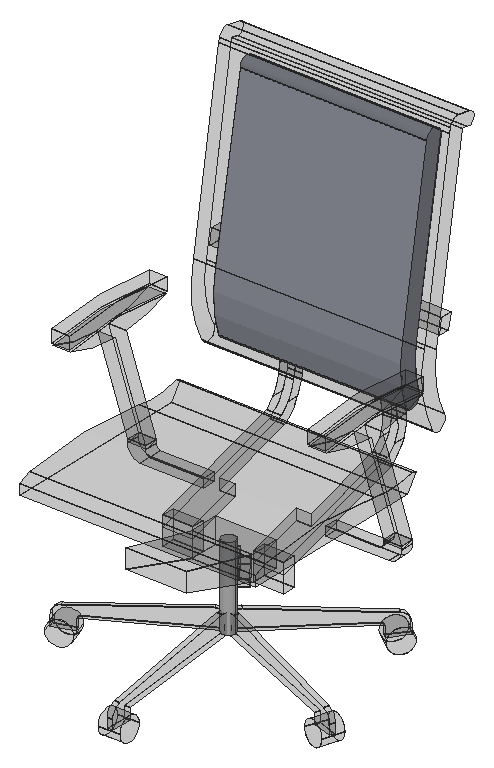
Revit family
Parameters
  Assembly Code = ""
  알루미늄 = 알루미늄
  베이스/Armd 재료 = 플라스틱 - 검은색
  캐스터 재료 = 플라스틱 - 검은색
  좌석/뒷면 재료 = 직물 - 슬레이트
  바닥 [instance] = 130.00 mm
Reference planes
  plane 1 "중심(앞/뒤)": y = 147.9
  plane 2: z = 0
  plane 3: y = 490.8
  plane 4: y = -195
  plane 5: through (0, -131.752, -23.231) normal (0, -0.9848, -0.1736)
Forms (mm)
  Extrusion 1, solid, material "플라스틱 - 검은색" <- "베이스/Armd 재료"
    sketch origin (249.309, 166.846, 0.216) x (0, 1, 0) y (0, 0, 1)
      loop
        line (-38.48, 275.253) -> (-227.688, 322.427) -> (-227.688, 277.631) -> (-36.347, 215.461) -> (31.079, 215.461) -> (31.079, 275.253) -> (-38.48, 275.253)
    from -20 to 121.6
  Extrusion 2, solid, material "플라스틱 - 검은색" <- "캐스터 재료"
    sketch origin (300.109, 166.846, 0) x (0, -1, 0) y (0, 0, 1)
      loop
        circle (336.446, 28.184) r 28.2
    from 25.4 to -25.4
  Extrusion 3, solid, material "플라스틱 - 검은색" <- "베이스/Armd 재료"
    sketch origin (282.09, 153.755, 0.216) x (0.951057, -0.309017, 0) y (0, 0, 1)
      loop
        line (18.946, 84.285) -> (311.046, 53.584) -> (311.046, 28.184) -> (361.846, 28.184) -> (361.846, 52.487)
        arc (361.846, 52.487) -> (355.903, 68.813) -> (340.857, 77.501) r 25.4
        line (340.857, 77.501) -> (44.346, 129.784) -> (18.946, 129.784) -> (18.946, 84.285)
    from 6.35 to -6.35
  Extrusion 4, solid, material "플라스틱 - 검은색" <- "캐스터 재료"
    sketch origin (282.09, 153.755, 0.216) x (0.951057, -0.309017, 0) y (0, 0, 1)
      loop
        circle (336.446, 28.184) r 28.2
    from 25.4 to -25.4
  Extrusion 5, solid, material "플라스틱 - 검은색" <- "캐스터 재료"
    sketch origin (288.972, 132.573, 0.216) x (0.587785, 0.809017, 0) y (0, 0, 1)
      loop
        circle (336.446, 28.184) r 28.2
    from 25.4 to -25.4
  Extrusion 6, solid, material "플라스틱 - 검은색" <- "캐스터 재료"
    sketch origin (311.245, 132.573, 0.216) x (-0.587785, 0.809017, 0) y (0, 0, 1)
      loop
        circle (336.446, 28.184) r 28.2
    from 25.4 to -25.4
  Extrusion 7, solid, material "플라스틱 - 검은색" <- "캐스터 재료"
    sketch origin (318.127, 153.755, 0.216) x (-0.951057, -0.309017, 0) y (0, 0, 1)
      loop
        circle (336.446, 28.184) r 28.2
    from 25.4 to -25.4
  Extrusion 8, solid, material "알루미늄" <- "알루미늄"
    sketch origin (441.099, 166.846, 0) x (-1, 0, 0) y (0, -1, 0)
      loop
        circle (140.991, 18.946) r 15.4
    from 84.285 to 275.253
  Extrusion 9, solid, material "플라스틱 - 검은색" <- "베이스/Armd 재료"
    sketch origin (318.127, 153.755, 0.216) x (-0.951057, -0.309017, 0) y (0, 0, -1)
      loop
        line (18.946, -84.285) -> (18.946, -129.784) -> (44.346, -129.784) -> (340.857, -77.501)
        arc (340.857, -77.501) -> (355.903, -68.813) -> (361.846, -52.487) r 25.4
        line (361.846, -52.487) -> (361.846, -28.184) -> (311.046, -28.184) -> (311.046, -53.584) -> (18.946, -84.285)
    from 6.35 to -6.35
  Extrusion 10, solid, material "플라스틱 - 검은색" <- "베이스/Armd 재료"
    sketch origin (288.972, 132.573, 0.216) x (0.587785, 0.809017, 0) y (0, 0, 1)
      loop
        line (18.946, 84.285) -> (311.046, 53.584) -> (311.046, 28.184) -> (361.846, 28.184) -> (361.846, 52.487)
        arc (361.846, 52.487) -> (355.903, 68.813) -> (340.857, 77.501) r 25.4
        line (340.857, 77.501) -> (44.346, 129.784) -> (18.946, 129.784) -> (18.946, 84.285)
    from 6.35 to -6.35
  Extrusion 11, solid, material "플라스틱 - 검은색" <- "베이스/Armd 재료"
    sketch origin (311.245, 132.573, 0.216) x (-0.587785, 0.809017, 0) y (0, 0, -1)
      loop
        line (18.946, -84.285) -> (18.946, -129.784) -> (44.346, -129.784) -> (340.857, -77.501)
        arc (340.857, -77.501) -> (355.903, -68.813) -> (361.846, -52.487) r 25.4
        line (361.846, -52.487) -> (361.846, -28.184) -> (311.046, -28.184) -> (311.046, -53.584) -> (18.946, -84.285)
    from 6.35 to -6.35
  Extrusion 12, solid, material "플라스틱 - 검은색" <- "베이스/Armd 재료"
    sketch origin (300.109, 166.846, 0.216) x (0, -1, 0) y (0, 0, 1)
      loop
        line (18.946, 84.285) -> (311.046, 53.584) -> (311.046, 28.184) -> (361.846, 28.184) -> (361.846, 52.487)
        arc (361.846, 52.487) -> (355.903, 68.813) -> (340.857, 77.501) r 25.4
        line (340.857, 77.501) -> (44.346, 129.784) -> (18.946, 129.784) -> (18.946, 84.285)
    from 6.35 to -6.35
  Extrusion 13, solid, material "플라스틱 - 검은색" <- "베이스/Armd 재료"
    sketch origin (27.059, 224.1, 546.316) x (0, -1, 0) y (0, 0, -1)
      loop
        line (339.15, 162.316) -> (-100.85, 162.316) -> (-126.661, 125.455)
        arc (-126.661, 125.455) -> (-18.522, 98.743) -> (92.431, 88.9) r 725.52
        arc (92.431, 88.9) -> (218.241, 100.275) -> (339.15, 136.857) r 621.433
        line (339.15, 136.857) -> (339.15, 162.316)
    from 546.1 to 0
  Extrusion 14, void
    sketch origin (617.609, 224.1, 546.316) x (0, 1, 0) y (0, 0, -1)
      loop
        arc (-92.431, 88.9) -> (12.719, 97.799) -> (115.465, 121.857) r 725.52
        arc (115.465, 121.857) -> (60.578, 129.513) -> (5.305, 125.496) r 262.954
        arc (5.305, 125.496) -> (-152.292, 111.423) -> (-309.889, 125.496) r 889.443
        arc (-309.889, 125.496) -> (-202.797, 97.475) -> (-92.431, 88.9) r 621.433
    from 590.55 to 44.45
  Extrusion 15, solid, material "플라스틱 - 검은색" <- "베이스/Armd 재료"
    sketch origin (370.909, 166.846, 0.216) x (0, 1, 0) y (0, 0, 1)
      loop
        line (-34.346, 255.253) -> (276.508, 344.389)
        arc (276.508, 344.389) -> (311.299, 381.051) -> (323.954, 429.984) r 100.932
        line (323.954, 429.984) -> (323.954, 697.2) -> (264.011, 697.2) -> (259.602, 672.2) -> (298.954, 672.2) -> (298.954, 429.984)
        arc (298.954, 429.984) -> (290.211, 394.609) -> (265.994, 367.381) r 75.932
        line (265.994, 367.381) -> (-34.346, 281.26) -> (-34.346, 255.253)
    from 70 to 0
  Extrusion 16, void
    sketch origin (229.309, 490.8, 430.201) x (0, 0, 1) y (1, 0, 0)
      loop
        line (267.216, -70) -> (267.216, -35) -> (148.005, -35)
        arc (148.005, -35) -> (118.364, -39.758) -> (89.463, -47.881) r 261.606
        arc (89.463, -47.881) -> (24.251, -64.432) -> (-42.798, -70) r 406.493
        line (-42.798, -70) -> (267.216, -70)
      loop
        line (-174.731, 0) -> (-174.731, -35) -> (-42.798, -35)
        arc (-42.798, -35) -> (18.478, -29.912) -> (78.075, -14.786) r 371.493
        arc (78.075, -14.786) -> (111.74, -5.38) -> (146.279, 0) r 296.606
        line (146.279, 0) -> (-174.731, 0)
    from 19.654 to -235.021
  Extrusion 17, solid, material "플라스틱 - 검은색" <- "베이스/Armd 재료"
    sketch origin (229.309, 166.846, 0.216) x (0, 1, 0) y (0, 0, -1)
      loop
        line (-34.346, -255.253) -> (-34.346, -281.26) -> (265.994, -367.381)
        arc (265.994, -367.381) -> (290.211, -394.609) -> (298.954, -429.984) r 75.932
        line (298.954, -429.984) -> (298.954, -672.2) -> (254.375, -672.2) -> (258.784, -697.2) -> (323.954, -697.2) -> (323.954, -429.984)
        arc (323.954, -429.984) -> (311.299, -381.051) -> (276.508, -344.389) r 100.932
        line (276.508, -344.389) -> (-34.346, -255.253)
    from 70 to 0
  Extrusion 18, void
    sketch origin (370.909, 490.8, 430.201) x (0, 0, 1) y (1, 0, 0)
      loop
        line (267.216, 70) -> (-42.798, 70)
        arc (-42.798, 70) -> (24.251, 64.432) -> (89.463, 47.881) r 406.493
        arc (89.463, 47.881) -> (118.364, 39.758) -> (148.005, 35) r 261.606
        line (148.005, 35) -> (267.216, 35) -> (267.216, 70)
      loop
        line (-174.731, 0) -> (146.279, 0)
        arc (146.279, 0) -> (111.74, 5.38) -> (78.075, 14.786) r 296.606
        arc (78.075, 14.786) -> (18.478, 29.912) -> (-42.798, 35) r 371.493
        line (-42.798, 35) -> (-174.731, 35) -> (-174.731, 0)
    from 19.654 to -235.021
  Extrusion 19, solid, material "플라스틱 - 검은색" <- "베이스/Armd 재료"
    sketch origin (370.909, 166.846, 0.216) x (0, 1, 0) y (0, 0, 1)
      loop
        line (-34.346, 281.26) -> (-34.346, 215.461) -> (-2.634, 215.461) -> (-2.634, 281.26) -> (-34.346, 281.26)
    from 70 to 0
  Extrusion 20, solid, material "플라스틱 - 검은색" <- "베이스/Armd 재료"
    sketch origin (229.309, 166.846, 0.216) x (0, 1, 0) y (0, 0, -1)
      loop
        line (-34.346, -281.26) -> (-2.634, -281.26) -> (-2.634, -215.461) -> (-34.346, -215.461) -> (-34.346, -281.26)
    from 70 to 0
  Extrusion 21, solid, material "플라스틱 - 검은색" <- "베이스/Armd 재료"
    sketch origin (617.609, 351.1, 659.225) x (0, -1, 0) y (0, 0, -1)
      loop
        arc (35.477, 10.435) -> (176.6, -2.247) -> (317.723, 10.435) r 791.576
        line (317.723, 10.435) -> (317.723, 40.943)
        arc (317.723, 40.943) -> (176.6, 27.753) -> (35.477, 40.943) r 761.576
        line (35.477, 40.943) -> (35.477, 10.435)
      loop
        line (67.346, 334.377) -> (154.306, 71.085)
        arc (154.306, 71.085) -> (94.381, 63.02) -> (36.403, 45.856) r 392.945
        arc (36.403, 45.856) -> (176.6, 32.753) -> (316.797, 45.856) r 756.576
        arc (316.797, 45.856) -> (252.364, 64.344) -> (185.726, 71.612) r 392.945
        line (185.726, 71.612) -> (96.207, 342.652) -> (67.346, 334.377)
    from 0 to -41.659
  Extrusion 22, solid, material "플라스틱 - 검은색" <- "베이스/Armd 재료"
    sketch origin (-17.391, 351.1, 659.225) x (0, -1, 0) y (0, 0, 1)
      loop
        line (35.477, -10.435) -> (35.477, -40.943)
        arc (35.477, -40.943) -> (176.6, -27.753) -> (317.723, -40.943) r 761.576
        line (317.723, -40.943) -> (317.723, -10.435)
        arc (317.723, -10.435) -> (176.6, 2.247) -> (35.477, -10.435) r 791.576
      loop
        line (67.346, -334.377) -> (96.207, -342.652) -> (185.726, -71.612)
        arc (185.726, -71.612) -> (252.364, -64.344) -> (316.797, -45.856) r 392.945
        arc (316.797, -45.856) -> (176.6, -32.753) -> (36.403, -45.856) r 756.576
        arc (36.403, -45.856) -> (94.381, -63.02) -> (154.306, -71.085) r 392.945
        line (154.306, -71.085) -> (67.346, -334.377)
    from 0 to -41.659
  Extrusion 23, solid, material "플라스틱 - 검은색" <- "베이스/Armd 재료"
    sketch origin (229.309, 164.212, 281.477) x (0, 0, -1) y (-1, 0, 0)
      loop
        line (-2.532, 70) -> (-2.532, 217.546)
        arc (-2.532, 217.546) -> (-13.242, 238.347) -> (-35.096, 246.7) r 32.763
        line (-35.096, 246.7) -> (-43.371, 246.7) -> (-43.371, 205.041) -> (-35.096, 205.041)
        arc (-35.096, 205.041) -> (-27.452, 202.179) -> (-23.569, 195) r 11.636
        line (-23.569, 195) -> (-23.569, 70) -> (-2.532, 70)
    from 119.589 to 87.926
  Extrusion 24, solid, material "플라스틱 - 검은색" <- "베이스/Armd 재료"
    sketch origin (370.909, 164.212, 281.477) x (0, 0, -1) y (-1, 0, 0)
      loop
        line (-2.532, -70) -> (-23.569, -70) -> (-23.569, -195)
        arc (-23.569, -195) -> (-27.452, -202.179) -> (-35.096, -205.041) r 11.636
        line (-35.096, -205.041) -> (-43.371, -205.041) -> (-43.371, -246.7) -> (-35.096, -246.7)
        arc (-35.096, -246.7) -> (-13.242, -238.347) -> (-2.532, -217.546) r 32.763
        line (-2.532, -217.546) -> (-2.532, -70)
    from 119.589 to 87.926
  Extrusion 25, solid, material "플라스틱 - 검은색" <- "베이스/Armd 재료"
    sketch origin (370.909, 166.846, 0.216) x (0, 1, 0) y (0, 0, 1)
      loop
        arc (313.148, 1102.747) -> (297.687, 1099.164) -> (288.67, 1086.102) r 21.978
        line (288.67, 1086.102) -> (286.887, 1075.99)
        arc (286.887, 1075.99) -> (255.665, 866.964) -> (213.513, 659.865) r 4024.658
        arc (213.513, 659.865) -> (209.257, 567.973) -> (237.779, 480.515) r 255.835
        arc (237.779, 480.515) -> (264.887, 472.444) -> (272.958, 499.553) r 20
        arc (272.958, 499.553) -> (249.546, 568.877) -> (250.641, 642.041) r 215.835
        arc (250.641, 642.041) -> (297.694, 853.952) -> (324.408, 1069.374) r 2283.079
        line (324.408, 1069.374) -> (340.469, 1066.315)
        arc (340.469, 1066.315) -> (358.406, 1078.512) -> (346.209, 1096.45) r 15.338
        line (346.209, 1096.45) -> (313.148, 1102.747)
    from 196.7 to -338.3
  Extrusion 26, void
    sketch origin (567.609, 166.846, 0.216) x (0, -1, 0) y (0, 0, 1)
      loop
        arc (-283.033, 1045.527) -> (-304.261, 1062.57) -> (-322.169, 1042.067) r 19.661
        arc (-322.169, 1042.067) -> (-295.323, 840.459) -> (-250.641, 642.041) r 2283.079
        arc (-250.641, 642.041) -> (-247.485, 587.033) -> (-258.36, 533.019) r 215.835
        arc (-258.36, 533.019) -> (-246.324, 509.151) -> (-221.163, 518.178) r 20.175
        arc (-221.163, 518.178) -> (-207.319, 588.481) -> (-213.513, 659.865) r 255.835
        arc (-213.513, 659.865) -> (-252.97, 851.849) -> (-283.033, 1045.527) r 4024.658
    from 482.201 to 49.852
  Extrusion 27, solid, material "직물 - 슬레이트" <- "좌석/뒷면 재료"
    sketch origin (567.609, 166.846, 0.216) x (0, 1, 0) y (0, 0, 1)
      loop
        arc (283.033, 1045.527) -> (252.97, 851.849) -> (213.513, 659.865) r 4024.658
        arc (213.513, 659.865) -> (207.319, 588.481) -> (221.163, 518.178) r 255.835
        arc (221.163, 518.178) -> (246.324, 509.151) -> (258.36, 533.019) r 20.175
        arc (258.36, 533.019) -> (247.485, 587.033) -> (250.641, 642.041) r 215.835
        arc (250.641, 642.041) -> (295.323, 840.459) -> (322.169, 1042.067) r 2283.079
        arc (322.169, 1042.067) -> (304.261, 1062.57) -> (283.033, 1045.527) r 19.661
    from -49.852 to -482.201
  Extrusion 28, solid, material "플라스틱 - 검은색" <- "베이스/Armd 재료"
    sketch origin (567.609, 166.846, 0.216) x (0, 1, 0) y (0, 0, 1)
      loop
        line (292.86, 702.2) -> (264.892, 702.2) -> (258.788, 667.58) -> (284.348, 667.58) -> (292.86, 702.2)
    from 0 to -533.3
  Extrusion 29, solid, material "플라스틱 - 검은색" <- "베이스/Armd 재료", not visible
    sketch origin (249.309, 166.846, 0) x (0, 1, 0) y (0, 0, 1)
      loop
        line (-38.48, 275.253) -> (-227.688, 322.427) -> (-227.688, 277.631) -> (-36.347, 215.461) -> (31.079, 215.461) -> (31.079, 275.253) -> (-38.48, 275.253)
    from -20 to 121.6
  Extrusion 30, solid, material "플라스틱 - 검은색" <- "캐스터 재료", not visible
    sketch origin (300.109, 166.846, -0.216) x (0, -1, 0) y (0, 0, 1)
      loop
        circle (336.446, 28.184) r 28.2
    from 25.4 to -25.4
  Extrusion 31, solid, material "플라스틱 - 검은색" <- "베이스/Armd 재료", not visible
    sketch origin (282.09, 153.755, 0) x (0.951057, -0.309017, 0) y (0, 0, 1)
      loop
        line (18.946, 84.285) -> (311.046, 53.584) -> (311.046, 28.184) -> (361.846, 28.184) -> (361.846, 52.487)
        arc (361.846, 52.487) -> (355.903, 68.813) -> (340.857, 77.501) r 25.4
        line (340.857, 77.501) -> (44.346, 129.784) -> (18.946, 129.784) -> (18.946, 84.285)
    from 6.35 to -6.35
  Extrusion 32, solid, material "플라스틱 - 검은색" <- "캐스터 재료", not visible
    sketch origin (282.09, 153.755, 0) x (0.951057, -0.309017, 0) y (0, 0, 1)
      loop
        circle (336.446, 28.184) r 28.2
    from 25.4 to -25.4
  Extrusion 33, solid, material "플라스틱 - 검은색" <- "캐스터 재료", not visible
    sketch origin (288.972, 132.573, 0) x (0.587785, 0.809017, 0) y (0, 0, 1)
      loop
        circle (336.446, 28.184) r 28.2
    from 25.4 to -25.4
  Extrusion 34, solid, material "플라스틱 - 검은색" <- "캐스터 재료", not visible
    sketch origin (311.245, 132.573, 0) x (-0.587785, 0.809017, 0) y (0, 0, 1)
      loop
        circle (336.446, 28.184) r 28.2
    from 25.4 to -25.4
  Extrusion 35, solid, material "플라스틱 - 검은색" <- "캐스터 재료", not visible
    sketch origin (318.127, 153.755, 0) x (-0.951057, -0.309017, 0) y (0, 0, 1)
      loop
        circle (336.446, 28.184) r 28.2
    from 25.4 to -25.4
  Extrusion 36, solid, material "알루미늄" <- "알루미늄", not visible
    sketch origin (441.099, 166.846, -0.216) x (-1, 0, 0) y (0, -1, 0)
      loop
        circle (140.991, 18.946) r 15.4
    from 84.285 to 275.253
  Extrusion 37, solid, material "플라스틱 - 검은색" <- "베이스/Armd 재료", not visible
    sketch origin (318.127, 153.755, 0) x (-0.951057, -0.309017, 0) y (0, 0, -1)
      loop
        line (18.946, -84.285) -> (18.946, -129.784) -> (44.346, -129.784) -> (340.857, -77.501)
        arc (340.857, -77.501) -> (355.903, -68.813) -> (361.846, -52.487) r 25.4
        line (361.846, -52.487) -> (361.846, -28.184) -> (311.046, -28.184) -> (311.046, -53.584) -> (18.946, -84.285)
    from 6.35 to -6.35
  Extrusion 38, solid, material "플라스틱 - 검은색" <- "베이스/Armd 재료", not visible
    sketch origin (288.972, 132.573, 0) x (0.587785, 0.809017, 0) y (0, 0, 1)
      loop
        line (18.946, 84.285) -> (311.046, 53.584) -> (311.046, 28.184) -> (361.846, 28.184) -> (361.846, 52.487)
        arc (361.846, 52.487) -> (355.903, 68.813) -> (340.857, 77.501) r 25.4
        line (340.857, 77.501) -> (44.346, 129.784) -> (18.946, 129.784) -> (18.946, 84.285)
    from 6.35 to -6.35
  Extrusion 39, solid, material "플라스틱 - 검은색" <- "베이스/Armd 재료", not visible
    sketch origin (311.245, 132.573, 0) x (-0.587785, 0.809017, 0) y (0, 0, -1)
      loop
        line (18.946, -84.285) -> (18.946, -129.784) -> (44.346, -129.784) -> (340.857, -77.501)
        arc (340.857, -77.501) -> (355.903, -68.813) -> (361.846, -52.487) r 25.4
        line (361.846, -52.487) -> (361.846, -28.184) -> (311.046, -28.184) -> (311.046, -53.584) -> (18.946, -84.285)
    from 6.35 to -6.35
  Extrusion 40, solid, material "플라스틱 - 검은색" <- "베이스/Armd 재료", not visible
    sketch origin (300.109, 166.846, 0) x (0, -1, 0) y (0, 0, 1)
      loop
        line (18.946, 84.285) -> (311.046, 53.584) -> (311.046, 28.184) -> (361.846, 28.184) -> (361.846, 52.487)
        arc (361.846, 52.487) -> (355.903, 68.813) -> (340.857, 77.501) r 25.4
        line (340.857, 77.501) -> (44.346, 129.784) -> (18.946, 129.784) -> (18.946, 84.285)
    from 6.35 to -6.35
  Extrusion 41, solid, material "플라스틱 - 검은색" <- "베이스/Armd 재료", not visible
    sketch origin (27.059, 224.1, 546.1) x (0, -1, 0) y (0, 0, -1)
      loop
        line (339.15, 162.316) -> (-100.85, 162.316) -> (-126.661, 125.455)
        arc (-126.661, 125.455) -> (-18.522, 98.743) -> (92.431, 88.9) r 725.52
        arc (92.431, 88.9) -> (218.241, 100.275) -> (339.15, 136.857) r 621.433
        line (339.15, 136.857) -> (339.15, 162.316)
    from 546.1 to 0
  Extrusion 42, void, not visible
    sketch origin (617.609, 224.1, 546.1) x (0, 1, 0) y (0, 0, -1)
      loop
        arc (-92.431, 88.9) -> (12.719, 97.799) -> (115.465, 121.857) r 725.52
        arc (115.465, 121.857) -> (60.578, 129.513) -> (5.305, 125.496) r 262.954
        arc (5.305, 125.496) -> (-152.292, 111.423) -> (-309.889, 125.496) r 889.443
        arc (-309.889, 125.496) -> (-202.797, 97.475) -> (-92.431, 88.9) r 621.433
    from 590.55 to 44.45
  Extrusion 43, solid, material "플라스틱 - 검은색" <- "베이스/Armd 재료", not visible
    sketch origin (370.909, 166.846, 0) x (0, 1, 0) y (0, 0, 1)
      loop
        line (-34.346, 255.253) -> (276.508, 344.389)
        arc (276.508, 344.389) -> (311.299, 381.051) -> (323.954, 429.984) r 100.932
        line (323.954, 429.984) -> (323.954, 697.2) -> (264.011, 697.2) -> (259.602, 672.2) -> (298.954, 672.2) -> (298.954, 429.984)
        arc (298.954, 429.984) -> (290.211, 394.609) -> (265.994, 367.381) r 75.932
        line (265.994, 367.381) -> (-34.346, 281.26) -> (-34.346, 255.253)
    from 70 to 0
  Extrusion 44, void, not visible
    sketch origin (229.309, 490.8, 429.984) x (0, 0, 1) y (1, 0, 0)
      loop
        line (267.216, -70) -> (267.216, -35) -> (148.005, -35)
        arc (148.005, -35) -> (118.364, -39.758) -> (89.463, -47.881) r 261.606
        arc (89.463, -47.881) -> (24.251, -64.432) -> (-42.798, -70) r 406.493
        line (-42.798, -70) -> (267.216, -70)
      loop
        line (-174.731, 0) -> (-174.731, -35) -> (-42.798, -35)
        arc (-42.798, -35) -> (18.478, -29.912) -> (78.075, -14.786) r 371.493
        arc (78.075, -14.786) -> (111.74, -5.38) -> (146.279, 0) r 296.606
        line (146.279, 0) -> (-174.731, 0)
    from 19.654 to -235.021
  Extrusion 45, solid, material "플라스틱 - 검은색" <- "베이스/Armd 재료", not visible
    sketch origin (229.309, 166.846, 0) x (0, 1, 0) y (0, 0, -1)
      loop
        line (-34.346, -255.253) -> (-34.346, -281.26) -> (265.994, -367.381)
        arc (265.994, -367.381) -> (290.211, -394.609) -> (298.954, -429.984) r 75.932
        line (298.954, -429.984) -> (298.954, -672.2) -> (254.375, -672.2) -> (258.784, -697.2) -> (323.954, -697.2) -> (323.954, -429.984)
        arc (323.954, -429.984) -> (311.299, -381.051) -> (276.508, -344.389) r 100.932
        line (276.508, -344.389) -> (-34.346, -255.253)
    from 70 to 0
  Extrusion 46, void, not visible
    sketch origin (370.909, 490.8, 429.984) x (0, 0, 1) y (1, 0, 0)
      loop
        line (267.216, 70) -> (-42.798, 70)
        arc (-42.798, 70) -> (24.251, 64.432) -> (89.463, 47.881) r 406.493
        arc (89.463, 47.881) -> (118.364, 39.758) -> (148.005, 35) r 261.606
        line (148.005, 35) -> (267.216, 35) -> (267.216, 70)
      loop
        line (-174.731, 0) -> (146.279, 0)
        arc (146.279, 0) -> (111.74, 5.38) -> (78.075, 14.786) r 296.606
        arc (78.075, 14.786) -> (18.478, 29.912) -> (-42.798, 35) r 371.493
        line (-42.798, 35) -> (-174.731, 35) -> (-174.731, 0)
    from 19.654 to -235.021
  Extrusion 47, solid, material "플라스틱 - 검은색" <- "베이스/Armd 재료", not visible
    sketch origin (370.909, 166.846, 0) x (0, 1, 0) y (0, 0, 1)
      loop
        line (-34.346, 281.26) -> (-34.346, 215.461) -> (-2.634, 215.461) -> (-2.634, 281.26) -> (-34.346, 281.26)
    from 70 to 0
  Extrusion 48, solid, material "플라스틱 - 검은색" <- "베이스/Armd 재료", not visible
    sketch origin (229.309, 166.846, 0) x (0, 1, 0) y (0, 0, -1)
      loop
        line (-34.346, -281.26) -> (-2.634, -281.26) -> (-2.634, -215.461) -> (-34.346, -215.461) -> (-34.346, -281.26)
    from 70 to 0
  Extrusion 49, solid, material "플라스틱 - 검은색" <- "베이스/Armd 재료", not visible
    sketch origin (617.609, 351.1, 659.008) x (0, -1, 0) y (0, 0, -1)
      loop
        arc (35.477, 10.435) -> (176.6, -2.247) -> (317.723, 10.435) r 791.576
        line (317.723, 10.435) -> (317.723, 40.943)
        arc (317.723, 40.943) -> (176.6, 27.753) -> (35.477, 40.943) r 761.576
        line (35.477, 40.943) -> (35.477, 10.435)
      loop
        line (67.346, 334.377) -> (154.306, 71.085)
        arc (154.306, 71.085) -> (94.381, 63.02) -> (36.403, 45.856) r 392.945
        arc (36.403, 45.856) -> (176.6, 32.753) -> (316.797, 45.856) r 756.576
        arc (316.797, 45.856) -> (252.364, 64.344) -> (185.726, 71.612) r 392.945
        line (185.726, 71.612) -> (96.207, 342.652) -> (67.346, 334.377)
    from 0 to -41.659
  Extrusion 50, solid, material "플라스틱 - 검은색" <- "베이스/Armd 재료", not visible
    sketch origin (-17.391, 351.1, 659.008) x (0, -1, 0) y (0, 0, 1)
      loop
        line (35.477, -10.435) -> (35.477, -40.943)
        arc (35.477, -40.943) -> (176.6, -27.753) -> (317.723, -40.943) r 761.576
        line (317.723, -40.943) -> (317.723, -10.435)
        arc (317.723, -10.435) -> (176.6, 2.247) -> (35.477, -10.435) r 791.576
      loop
        line (67.346, -334.377) -> (96.207, -342.652) -> (185.726, -71.612)
        arc (185.726, -71.612) -> (252.364, -64.344) -> (316.797, -45.856) r 392.945
        arc (316.797, -45.856) -> (176.6, -32.753) -> (36.403, -45.856) r 756.576
        arc (36.403, -45.856) -> (94.381, -63.02) -> (154.306, -71.085) r 392.945
        line (154.306, -71.085) -> (67.346, -334.377)
    from 0 to -41.659
  Extrusion 51, solid, material "플라스틱 - 검은색" <- "베이스/Armd 재료", not visible
    sketch origin (229.309, 164.212, 281.26) x (0, 0, -1) y (-1, 0, 0)
      loop
        line (-2.532, 70) -> (-2.532, 217.546)
        arc (-2.532, 217.546) -> (-13.242, 238.347) -> (-35.096, 246.7) r 32.763
        line (-35.096, 246.7) -> (-43.371, 246.7) -> (-43.371, 205.041) -> (-35.096, 205.041)
        arc (-35.096, 205.041) -> (-27.452, 202.179) -> (-23.569, 195) r 11.636
        line (-23.569, 195) -> (-23.569, 70) -> (-2.532, 70)
    from 119.589 to 87.926
  Extrusion 52, solid, material "플라스틱 - 검은색" <- "베이스/Armd 재료", not visible
    sketch origin (370.909, 164.212, 281.26) x (0, 0, -1) y (-1, 0, 0)
      loop
        line (-2.532, -70) -> (-23.569, -70) -> (-23.569, -195)
        arc (-23.569, -195) -> (-27.452, -202.179) -> (-35.096, -205.041) r 11.636
        line (-35.096, -205.041) -> (-43.371, -205.041) -> (-43.371, -246.7) -> (-35.096, -246.7)
        arc (-35.096, -246.7) -> (-13.242, -238.347) -> (-2.532, -217.546) r 32.763
        line (-2.532, -217.546) -> (-2.532, -70)
    from 119.589 to 87.926
  Extrusion 53, solid, material "플라스틱 - 검은색" <- "베이스/Armd 재료", not visible
    sketch origin (370.909, 166.846, 0) x (0, 1, 0) y (0, 0, 1)
      loop
        arc (313.148, 1102.747) -> (297.687, 1099.164) -> (288.67, 1086.102) r 21.978
        line (288.67, 1086.102) -> (286.887, 1075.99)
        arc (286.887, 1075.99) -> (255.665, 866.964) -> (213.513, 659.865) r 4024.658
        arc (213.513, 659.865) -> (209.257, 567.973) -> (237.779, 480.515) r 255.835
        arc (237.779, 480.515) -> (264.887, 472.444) -> (272.958, 499.553) r 20
        arc (272.958, 499.553) -> (249.546, 568.877) -> (250.641, 642.041) r 215.835
        arc (250.641, 642.041) -> (297.694, 853.952) -> (324.408, 1069.374) r 2283.079
        line (324.408, 1069.374) -> (340.469, 1066.315)
        arc (340.469, 1066.315) -> (358.406, 1078.512) -> (346.209, 1096.45) r 15.338
        line (346.209, 1096.45) -> (313.148, 1102.747)
    from 196.7 to -338.3
  Extrusion 54, void, not visible
    sketch origin (567.609, 166.846, 0) x (0, -1, 0) y (0, 0, 1)
      loop
        arc (-283.033, 1045.527) -> (-304.261, 1062.57) -> (-322.169, 1042.067) r 19.661
        arc (-322.169, 1042.067) -> (-295.323, 840.459) -> (-250.641, 642.041) r 2283.079
        arc (-250.641, 642.041) -> (-247.485, 587.033) -> (-258.36, 533.019) r 215.835
        arc (-258.36, 533.019) -> (-246.324, 509.151) -> (-221.163, 518.178) r 20.175
        arc (-221.163, 518.178) -> (-207.319, 588.481) -> (-213.513, 659.865) r 255.835
        arc (-213.513, 659.865) -> (-252.97, 851.849) -> (-283.033, 1045.527) r 4024.658
    from 482.201 to 49.852
  Extrusion 55, solid, material "직물 - 슬레이트" <- "좌석/뒷면 재료", not visible
    sketch origin (567.609, 166.846, 0) x (0, 1, 0) y (0, 0, 1)
      loop
        arc (283.033, 1045.527) -> (252.97, 851.849) -> (213.513, 659.865) r 4024.658
        arc (213.513, 659.865) -> (207.319, 588.481) -> (221.163, 518.178) r 255.835
        arc (221.163, 518.178) -> (246.324, 509.151) -> (258.36, 533.019) r 20.175
        arc (258.36, 533.019) -> (247.485, 587.033) -> (250.641, 642.041) r 215.835
        arc (250.641, 642.041) -> (295.323, 840.459) -> (322.169, 1042.067) r 2283.079
        arc (322.169, 1042.067) -> (304.261, 1062.57) -> (283.033, 1045.527) r 19.661
    from -49.852 to -482.201
  Extrusion 56, solid, material "플라스틱 - 검은색" <- "베이스/Armd 재료", not visible
    sketch origin (567.609, 166.846, 0) x (0, 1, 0) y (0, 0, 1)
      loop
        line (292.86, 702.2) -> (264.892, 702.2) -> (258.788, 667.58) -> (284.348, 667.58) -> (292.86, 702.2)
    from 0 to -533.3
Cuts and joins
  Extrusion 14 cuts Extrusion 13
  Extrusion 16, Extrusion 18 cuts Extrusion 15
  Extrusion 16, Extrusion 18, Extrusion 26 cuts Extrusion 17
  Extrusion 26 cuts Extrusion 25
Lines and regions (mm)
  Masking region 1
    outline origin (441.099, 166.846, 457.2) x (0, 1, 0) y (-1, 0, 0)
      loop
        arc (-281.896, 20.341) -> (-238.961, -85.693) -> (-134.347, -131.982) r 152.4
        line (-134.347, -131.982) -> (-149.93, -179.941) -> (-101.616, -195.639) -> (-84.188, -141.999) -> (-114.778, -132.059) -> (66.234, -132.059)
        arc (66.234, -132.059) -> (106.481, -127.444) -> (144.639, -113.838) r 177.8
        arc (144.639, -113.838) -> (159.785, -122.487) -> (176.966, -125.488) r 50.678
        line (176.966, -125.488) -> (222.074, -125.488)
        arc (222.074, -125.488) -> (239.917, -118.097) -> (247.308, -100.255) r 25.233
        line (247.308, -100.255) -> (247.308, -83.85) -> (275.661, -41.658) -> (247.308, -21.058) -> (247.308, 303.039) -> (275.661, 323.639) -> (247.308, 362.665) -> (247.308, 382.224)
        arc (247.308, 382.224) -> (239.917, 400.067) -> (222.075, 407.458) r 25.233
        line (222.075, 407.458) -> (176.961, 407.458)
        arc (176.961, 407.458) -> (159.787, 404.459) -> (144.646, 395.817) r 50.674
        arc (144.646, 395.817) -> (106.485, 409.425) -> (66.234, 414.041) r 177.8
        line (66.234, 414.041) -> (-114.778, 414.041) -> (-84.188, 423.98) -> (-101.616, 477.62) -> (-149.93, 461.922) -> (-134.347, 413.964)
        arc (-134.347, 413.964) -> (-238.961, 367.675) -> (-281.896, 261.641) r 152.4
        line (-281.896, 261.641) -> (-281.896, 147.341) -> (-308.246, 147.341) -> (-308.246, 166.391) -> (-364.646, 166.391) -> (-364.646, 115.591) -> (-308.246, 115.591) -> (-308.246, 134.641) -> (-281.896, 134.641) -> (-281.896, 20.341)
      loop
        line (-68.354, -176.509) -> (184.254, -176.509) -> (184.254, -144.61) -> (-68.354, -144.61) -> (-68.354, -176.509)
      loop
        line (184.254, 458.491) -> (-68.354, 458.491) -> (-68.354, 426.167) -> (184.254, 426.167) -> (184.254, 458.491)
  symbolic lines
    curve 1: line (541.354, 414.154, 457.2) -> (58.875, 414.154, 457.2)
    curve 2: line (566.587, 388.921, 457.2) -> (566.587, 343.812, 457.2)
    curve 3: line (515.909, 293.134, 457.2) -> (84.315, 293.134, 457.2)
    curve 4: line (33.642, 388.921, 457.2) -> (33.642, 343.807, 457.2)
    curve 5: arc (515.909, 293.134, 457.2) -> (551.744, 307.977, 457.2) -> (566.587, 343.812, 457.2) r 50.678
    curve 6: arc (84.315, 293.134, 457.2) -> (48.484, 307.976, 457.2) -> (33.642, 343.807, 457.2) r 50.674
    curve 7: arc (566.587, 388.921, 457.2) -> (559.197, 406.763, 457.2) -> (541.354, 414.154, 457.2) r 25.233
    curve 8: arc (33.642, 388.921, 457.2) -> (41.032, 406.763, 457.2) -> (58.875, 414.154, 457.2) r 25.233
    curve 9: line (420.759, -115.05, 457.2) -> (179.459, -115.05, 457.2)
    curve 10: line (573.159, 37.35, 457.2) -> (573.159, 233.08, 457.2)
    curve 11: line (27.059, 37.35, 457.2) -> (27.059, 233.08, 457.2)
    curve 12: arc (420.759, -115.05, 457.2) -> (528.522, -70.413, 457.2) -> (573.159, 37.35, 457.2) r 152.4
    curve 13: arc (179.459, -115.05, 457.2) -> (71.696, -70.413, 457.2) -> (27.059, 37.35, 457.2) r 152.4
    curve 14: arc (27.059, 233.08, 457.2) -> (31.675, 273.331, 457.2) -> (45.283, 311.492, 457.2) r 177.8
    curve 15: arc (573.159, 233.08, 457.2) -> (568.544, 273.327, 457.2) -> (554.938, 311.485, 457.2) r 177.8
    curve 16: line (325.509, -197.8, 457.2) -> (274.709, -197.8, 457.2)
    curve 17: line (325.509, -197.8, 457.2) -> (325.509, -141.4, 457.2)
    curve 18: line (325.509, -141.4, 457.2) -> (274.709, -141.4, 457.2)
    curve 19: line (274.709, -197.8, 457.2) -> (274.709, -141.4, 457.2)
    curve 20: line (27.136, 32.499, 457.2) -> (-20.823, 16.916, 457.2)
    curve 21: line (-20.823, 16.916, 457.2) -> (-36.521, 65.23, 457.2)
    curve 22: line (-36.521, 65.23, 457.2) -> (17.119, 82.659, 457.2)
    curve 23: line (17.119, 82.659, 457.2) -> (27.059, 52.068, 457.2)
    curve 24: line (138.06, 414.154, 457.2) -> (117.46, 442.507, 457.2)
    curve 25: line (117.46, 442.507, 457.2) -> (78.435, 414.154, 457.2)
    curve 26: line (462.157, 414.154, 457.2) -> (482.757, 442.507, 457.2)
    curve 27: line (482.757, 442.507, 457.2) -> (524.949, 414.154, 457.2)
    curve 28: line (636.738, 65.23, 457.2) -> (621.04, 16.916, 457.2)
    curve 29: line (621.04, 16.916, 457.2) -> (573.081, 32.499, 457.2)
    curve 30: line (636.738, 65.23, 457.2) -> (583.098, 82.659, 457.2)
    curve 31: line (583.098, 82.659, 457.2) -> (573.159, 52.068, 457.2)
    curve 32: line (306.459, -141.4, 457.2) -> (293.759, -141.4, 457.2)
    curve 33: line (306.459, -141.4, 457.2) -> (306.459, -115.05, 457.2)
    curve 34: line (306.459, -115.05, 457.2) -> (293.759, -115.05, 457.2)
    curve 35: line (293.759, -141.4, 457.2) -> (293.759, -115.05, 457.2)
    curve 36: line (617.609, 98.492, 457.2) -> (585.71, 98.492, 457.2)
    curve 37: line (617.609, 98.492, 457.2) -> (617.609, 351.1, 457.2)
    curve 38: line (617.609, 351.1, 457.2) -> (585.71, 351.1, 457.2)
    curve 39: line (585.71, 98.492, 457.2) -> (585.71, 351.1, 457.2)
    curve 40: line (-17.391, 98.492, 457.2) -> (14.932, 98.492, 457.2)
    curve 41: line (-17.391, 98.492, 457.2) -> (-17.391, 351.1, 457.2)
    curve 42: line (-17.391, 351.1, 457.2) -> (14.932, 351.1, 457.2)
    curve 43: line (14.932, 98.492, 457.2) -> (14.932, 351.1, 457.2)
Dimensions and locks
  equal spacing: plane 3, plane 1 "중심(앞/뒤)", plane 4
  plane 3 to plane 4 = 685.80 mm
  "바닥": Extrusion 12 to plane 2
Automatic sketch dimensions
  Extrusion 1 sketch curve to Extrusion 1 sketch curve = 59.792 mm
  Extrusion 1 sketch curve to Extrusion 1 sketch curve = 44.796 mm
  Extrusion 3 sketch curve to Extrusion 3 sketch curve = 25.40 mm  (x4)
  Extrusion 3 sketch curve to Extrusion 3 sketch curve = 266.70 mm
  Extrusion 3 sketch curve to Extrusion 3 sketch curve = 4.411 mm
  Extrusion 3 sketch curve to Extrusion 3 sketch curve = 45.499 mm
  Extrusion 4 sketch curve to Extrusion 4 sketch curve = 28.20 mm
  Extrusion 5 sketch curve to Extrusion 5 sketch curve = 28.20 mm
  Extrusion 6 sketch curve to Extrusion 6 sketch curve = 28.20 mm
  Extrusion 7 sketch curve to Extrusion 7 sketch curve = 28.20 mm
  Extrusion 8 sketch curve to Extrusion 8 sketch curve = 15.40 mm
  Masking region 1 sketch curve to plane 4 = 2.80 mm
  plane 4 to Masking region 1 sketch curve = 53.60 mm
  Masking region 1 sketch curve to Masking region 1 sketch curve = 0.00 mm  (x3)
  plane 4 to Masking region 1 sketch curve = 79.95 mm
  Masking region 1 sketch curve to plane 1 "중심(앞/뒤)" = 130.984 mm  (x2)
  Masking region 1 sketch curve to Masking region 1 sketch curve = 15.583 mm  (x2)
  Masking region 1 sketch curve to Masking region 1 sketch curve = 19.569 mm  (x2)
  Masking region 1 sketch curve to Masking region 1 sketch curve = 15.833 mm  (x2)
  plane 1 "중심(앞/뒤)" to Masking region 1 sketch curve = 85.18 mm  (x2)
  Masking region 1 sketch curve to Masking region 1 sketch curve = 78.405 mm
  Masking region 1 sketch curve to Masking region 1 sketch curve = 78.412 mm
  Masking region 1 sketch curve to Masking region 1 sketch curve = 32.315 mm
  Masking region 1 sketch curve to Masking region 1 sketch curve = 32.327 mm
  Masking region 1 sketch curve to Masking region 1 sketch curve = 7.288 mm
  Masking region 1 sketch curve to Masking region 1 sketch curve = 7.293 mm
  Masking region 1 sketch curve to Masking region 1 sketch curve = 37.82 mm  (x2)
  Masking region 1 sketch curve to Masking region 1 sketch curve = 25.233 mm  (x2)
  Masking region 1 sketch curve to Masking region 1 sketch curve = 28.353 mm  (x2)
  Masking region 1 sketch curve to Masking region 1 sketch curve = 16.405 mm
  Masking region 1 sketch curve to Masking region 1 sketch curve = 42.192 mm
  Masking region 1 sketch curve to Masking region 1 sketch curve = 20.60 mm  (x2)
  Masking region 1 sketch curve to Masking region 1 sketch curve = 79.185 mm
  curve 27 to plane 3 = 48.293 mm
  curve 24 to plane 3 = 48.293 mm
  curve 26 to curve 26 = 28.353 mm
  curve 8 to curve 4 = 25.233 mm
  curve 7 to curve 7 = 25.233 mm
  curve 2 to curve 39 = 37.82 mm
  curve 8 to curve 41 = 37.82 mm
  curve 38 to curve 2 = 7.288 mm
  curve 42 to curve 6 = 7.293 mm
  curve 4 to curve 14 = 32.315 mm
  curve 14 to curve 14 = 78.412 mm
  curve 15 to curve 10 = 78.405 mm
  curve 39 to plane 1 "중심(앞/뒤)" = 49.408 mm
  curve 40 to plane 1 "중심(앞/뒤)" = 49.408 mm
  curve 36 to curve 31 = 15.833 mm
  curve 40 to curve 23 = 15.833 mm
  curve 36 to curve 28 = 33.262 mm
  curve 40 to curve 21 = 33.262 mm
  curve 23 to curve 11 = 14.718 mm
  curve 12 to plane 1 "중심(앞/뒤)" = 110.55 mm
  plane 4 to curve 34 = 79.95 mm
  curve 33 to curve 32 = 26.35 mm
  curve 18 to curve 32 = 0.00 mm
  curve 16 to plane 4 = 2.80 mm
  curve 1 to curve 25 = 19.56 mm
  curve 25 to curve 24 = 39.025 mm
  curve 32 to curve 18 = 19.05 mm
  curve 26 to curve 1 = 79.197 mm
  curve 26 to curve 27 = 20.60 mm
  curve 27 to curve 1 = 16.405 mm
  Extrusion 9 sketch curve to Extrusion 9 sketch curve = 25.40 mm  (x4)
  Extrusion 9 sketch curve to Extrusion 9 sketch curve = 266.70 mm
  Extrusion 9 sketch curve to Extrusion 9 sketch curve = 4.411 mm
  Extrusion 9 sketch curve to Extrusion 9 sketch curve = 45.499 mm
  Extrusion 10 sketch curve to Extrusion 10 sketch curve = 25.40 mm  (x4)
  Extrusion 10 sketch curve to Extrusion 10 sketch curve = 266.70 mm
  Extrusion 10 sketch curve to Extrusion 10 sketch curve = 4.411 mm
  Extrusion 10 sketch curve to Extrusion 10 sketch curve = 45.499 mm
  Extrusion 11 sketch curve to Extrusion 11 sketch curve = 25.40 mm  (x4)
  Extrusion 11 sketch curve to Extrusion 11 sketch curve = 266.70 mm
  Extrusion 11 sketch curve to Extrusion 11 sketch curve = 4.411 mm
  Extrusion 11 sketch curve to Extrusion 11 sketch curve = 45.499 mm
  Extrusion 12 sketch curve to Extrusion 12 sketch curve = 25.40 mm  (x4)
  Extrusion 12 sketch curve to Extrusion 12 sketch curve = 24.303 mm
  Extrusion 12 sketch curve to Extrusion 12 sketch curve = 45.499 mm
  Extrusion 13 sketch curve to Extrusion 13 sketch curve = 25.811 mm
  Extrusion 13 sketch curve to Extrusion 13 sketch curve = 1.212 mm
  Extrusion 14 sketch curve to Extrusion 14 sketch curve = 0.00 mm  (x2)
  Extrusion 15 sketch curve to Extrusion 15 sketch curve = 0.00 mm  (x2)
  Extrusion 15 sketch curve to Extrusion 1 = 20.00 mm
  Extrusion 15 sketch curve to Extrusion 1 = 65.425 mm
  Extrusion 1 to Extrusion 15 sketch curve = 191.942 mm
  Extrusion 1 to Extrusion 15 sketch curve = 228.523 mm
  Extrusion 15 sketch curve to Extrusion 15 sketch curve = 4.408 mm
  Extrusion 15 sketch curve to Extrusion 15 sketch curve = 42.972 mm
  Extrusion 15 sketch curve to Extrusion 15 sketch curve = 10.514 mm
  Extrusion 15 sketch curve to Extrusion 15 sketch curve = 39.352 mm
  Extrusion 15 sketch curve to Extrusion 15 sketch curve = 25.00 mm  (x2)
  Extrusion 1 to Extrusion 15 sketch curve = 6.007 mm
  Extrusion 1 to Extrusion 15 sketch curve = 69.136 mm
  Extrusion 15 sketch curve to Extrusion 15 sketch curve = 242.216 mm
  Extrusion 16 sketch curve to Extrusion 16 sketch curve = 0.00 mm  (x6)
  Extrusion 16 sketch curve to Extrusion 15 = 0.00 mm
  Extrusion 16 sketch curve to Extrusion 15 = 92.634 mm
  Extrusion 16 sketch curve to Extrusion 16 sketch curve = 119.211 mm
  Extrusion 16 sketch curve to Extrusion 16 sketch curve = 1.726 mm
  Extrusion 16 sketch curve to Extrusion 16 sketch curve = 58.542 mm
  Extrusion 16 sketch curve to Extrusion 16 sketch curve = 11.388 mm
  Extrusion 16 sketch curve to Extrusion 15 = 42.798 mm
  Extrusion 16 sketch curve to Extrusion 16 sketch curve = 131.934 mm
  Extrusion 16 sketch curve to Extrusion 15 = 436.853 mm
  Extrusion 15 to Extrusion 16 sketch curve = 281.60 mm
  Extrusion 17 sketch curve to Extrusion 17 sketch curve = 0.00 mm  (x4)
  Extrusion 17 sketch curve to Extrusion 17 sketch curve = 25.00 mm  (x2)
  Extrusion 17 sketch curve to Extrusion 17 sketch curve = 10.514 mm
  Extrusion 17 sketch curve to Extrusion 17 sketch curve = 40.17 mm
  Extrusion 17 sketch curve to Extrusion 17 sketch curve = 4.408 mm
  Extrusion 17 sketch curve to Extrusion 17 sketch curve = 42.972 mm
  Extrusion 17 sketch curve to Extrusion 17 sketch curve = 26.007 mm
  Extrusion 18 sketch curve to Extrusion 18 sketch curve = 0.00 mm  (x6)
  Extrusion 18 sketch curve to Extrusion 15 = 0.00 mm  (x3)
  Extrusion 18 sketch curve to Extrusion 15 = 92.634 mm
  Extrusion 15 to Extrusion 18 sketch curve = 35.00 mm
  Extrusion 18 sketch curve to Extrusion 18 sketch curve = 119.211 mm
  Extrusion 18 sketch curve to Extrusion 18 sketch curve = 1.726 mm
  Extrusion 15 to Extrusion 18 sketch curve = 22.119 mm
  Extrusion 18 sketch curve to Extrusion 18 sketch curve = 58.542 mm
  Extrusion 18 sketch curve to Extrusion 18 sketch curve = 131.934 mm
  Extrusion 19 sketch curve to Extrusion 1 = 0.00 mm
  Extrusion 19 sketch curve to Extrusion 1 = 65.425 mm
  Extrusion 19 sketch curve to Extrusion 19 sketch curve = 31.712 mm
  Extrusion 1 to Extrusion 19 sketch curve = 6.007 mm
  Extrusion 20 sketch curve to Extrusion 20 sketch curve = 65.799 mm
  Extrusion 21 sketch curve to Extrusion 21 sketch curve = 0.00 mm  (x14)
  Extrusion 21 sketch curve to Extrusion 21 sketch curve = 0.927 mm  (x2)
  Extrusion 21 sketch curve to Extrusion 21 sketch curve = 28.861 mm
  Extrusion 21 sketch curve to Extrusion 21 sketch curve = 30.508 mm
  Extrusion 21 sketch curve to Extrusion 21 sketch curve = 4.913 mm
  Extrusion 21 sketch curve to Extrusion 21 sketch curve = 8.276 mm
  Extrusion 22 sketch curve to Extrusion 22 sketch curve = 0.00 mm  (x14)
  Extrusion 22 sketch curve to Extrusion 22 sketch curve = 0.927 mm  (x2)
  Extrusion 22 sketch curve to Extrusion 22 sketch curve = 28.861 mm
  Extrusion 22 sketch curve to Extrusion 22 sketch curve = 8.276 mm
  Extrusion 22 sketch curve to Extrusion 22 sketch curve = 0.527 mm
  Extrusion 22 sketch curve to Extrusion 22 sketch curve = 4.913 mm
  Extrusion 22 sketch curve to Extrusion 22 sketch curve = 30.508 mm
  Extrusion 23 sketch curve to Extrusion 19 = 43.371 mm
  Extrusion 23 sketch curve to Extrusion 23 sketch curve = 8.276 mm  (x2)
  Extrusion 23 sketch curve to Extrusion 23 sketch curve = 11.526 mm
  Extrusion 23 sketch curve to Extrusion 19 = 2.532 mm
  Extrusion 23 sketch curve to Extrusion 19 = 211.60 mm
  Extrusion 23 sketch curve to Extrusion 23 sketch curve = 123.405 mm
  Extrusion 23 sketch curve to Extrusion 23 sketch curve = 1.595 mm
  Extrusion 23 sketch curve to Extrusion 23 sketch curve = 8.895 mm
  Extrusion 23 sketch curve to Extrusion 23 sketch curve = 22.546 mm
  Extrusion 24 sketch curve to Extrusion 19 = 0.00 mm
  Extrusion 24 sketch curve to Extrusion 19 = 43.371 mm
  Extrusion 24 sketch curve to Extrusion 24 sketch curve = 8.276 mm  (x2)
  Extrusion 24 sketch curve to Extrusion 24 sketch curve = 11.526 mm
  Extrusion 24 sketch curve to Extrusion 19 = 2.532 mm
  Extrusion 24 sketch curve to Extrusion 19 = 123.405 mm
  Extrusion 24 sketch curve to Extrusion 24 sketch curve = 1.595 mm
  Extrusion 24 sketch curve to Extrusion 24 sketch curve = 8.895 mm
  Extrusion 24 sketch curve to Extrusion 24 sketch curve = 22.546 mm
  Extrusion 25 sketch curve to Extrusion 25 sketch curve = 0.00 mm  (x5)
  Extrusion 1 to Extrusion 25 sketch curve = 1290.586 mm
  Extrusion 1 to Extrusion 25 sketch curve = 3480.162 mm
  Extrusion 1 to Extrusion 25 sketch curve = 1724.423 mm
  Extrusion 1 to Extrusion 25 sketch curve = 182.433 mm
  Extrusion 25 sketch curve to Extrusion 25 sketch curve = 24.266 mm
  Extrusion 25 sketch curve to Extrusion 25 sketch curve = 37.129 mm
  Extrusion 25 sketch curve to Extrusion 25 sketch curve = 17.59 mm
  Extrusion 1 to Extrusion 25 sketch curve = 255.807 mm
  Extrusion 25 sketch curve to Extrusion 25 sketch curve = 1.783 mm
  Extrusion 25 sketch curve to Extrusion 25 sketch curve = 21.375 mm
  Extrusion 25 sketch curve to Extrusion 25 sketch curve = 3.104 mm
  Extrusion 25 sketch curve to Extrusion 25 sketch curve = 14.363 mm
  Extrusion 25 sketch curve to Extrusion 25 sketch curve = 16.061 mm
  Extrusion 25 sketch curve to Extrusion 25 sketch curve = 2.87 mm  (x2)
  Extrusion 25 sketch curve to Extrusion 25 sketch curve = 189.823 mm
  Extrusion 25 sketch curve to Extrusion 1 = 1026.854 mm
  Extrusion 1 to Extrusion 25 sketch curve = 827.495 mm
  Extrusion 25 sketch curve to Extrusion 25 sketch curve = 6.298 mm
  Extrusion 25 sketch curve to Extrusion 25 sketch curve = 16.645 mm
  Extrusion 25 sketch curve to Extrusion 25 sketch curve = 15.068 mm
  Extrusion 25 sketch curve to Extrusion 25 sketch curve = 10.112 mm
  Extrusion 26 sketch curve to Extrusion 26 sketch curve = 108.656 mm
  Extrusion 26 sketch curve to Extrusion 26 sketch curve = 19.639 mm
  Extrusion 26 sketch curve to Extrusion 26 sketch curve = 19.496 mm
  Extrusion 26 sketch curve to Extrusion 26 sketch curve = 7.718 mm
  Extrusion 26 sketch curve to Extrusion 26 sketch curve = 19.512 mm
  Extrusion 26 sketch curve to Extrusion 26 sketch curve = 17.684 mm
  Extrusion 27 sketch curve to Extrusion 27 sketch curve = 29.478 mm
  Extrusion 27 sketch curve to Extrusion 27 sketch curve = 17.684 mm
  Extrusion 27 sketch curve to Extrusion 27 sketch curve = 19.512 mm
  Extrusion 27 sketch curve to Extrusion 27 sketch curve = 69.521 mm
  Extrusion 27 sketch curve to Extrusion 27 sketch curve = 0.00 mm
  Extrusion 27 sketch curve to Extrusion 27 sketch curve = 19.496 mm
  Extrusion 28 sketch curve to Extrusion 25 = 43.247 mm
  Extrusion 25 to Extrusion 28 sketch curve = 406.976 mm
  Extrusion 28 sketch curve to Extrusion 28 sketch curve = 6.104 mm
  Extrusion 28 sketch curve to Extrusion 28 sketch curve = 25.56 mm
  Extrusion 28 sketch curve to Extrusion 28 sketch curve = 27.968 mm
  Extrusion 28 sketch curve to Extrusion 28 sketch curve = 34.62 mm
  Extrusion 1 sketch curve to Extrusion 1 sketch curve = 189.208 mm
  Extrusion 1 sketch curve to Extrusion 1 sketch curve = 2.133 mm
  Extrusion 1 sketch curve to Extrusion 1 sketch curve = 69.56 mm
  Extrusion 1 sketch curve to Extrusion 1 sketch curve = 2.379 mm
  Extrusion 2 sketch curve to Extrusion 2 sketch curve = 28.20 mm
  Extrusion 3 sketch curve to Extrusion 3 sketch curve = 1.097 mm
  Extrusion 3 sketch curve to Extrusion 3 sketch curve = 30.701 mm
  Extrusion 9 sketch curve to Extrusion 9 sketch curve = 52.283 mm
  Extrusion 9 sketch curve to Extrusion 9 sketch curve = 1.097 mm
  Extrusion 10 sketch curve to Extrusion 10 sketch curve = 1.097 mm
  Extrusion 10 sketch curve to Extrusion 10 sketch curve = 30.701 mm
  Extrusion 11 sketch curve to Extrusion 11 sketch curve = 52.283 mm
  Extrusion 11 sketch curve to Extrusion 11 sketch curve = 1.097 mm
  Extrusion 12 sketch curve to Extrusion 12 sketch curve = 266.70 mm
  Extrusion 12 sketch curve to Extrusion 12 sketch curve = 4.411 mm
  Extrusion 12 sketch curve to Extrusion 12 sketch curve = 30.701 mm
  Extrusion 13 sketch curve to Extrusion 13 sketch curve = 193.281 mm
  Extrusion 13 sketch curve to Extrusion 13 sketch curve = 0.00 mm
  Extrusion 13 sketch curve to Extrusion 13 sketch curve = 200.516 mm
  Extrusion 13 sketch curve to Extrusion 13 sketch curve = 246.719 mm
  Extrusion 13 sketch curve to Extrusion 13 sketch curve = 36.555 mm
  Extrusion 13 sketch curve to Extrusion 13 sketch curve = 25.459 mm
  Extrusion 14 sketch curve to Extrusion 14 sketch curve = 157.597 mm
  Extrusion 14 sketch curve to Extrusion 14 sketch curve = 51.415 mm
  Extrusion 14 sketch curve to Extrusion 14 sketch curve = 1.212 mm
  Extrusion 14 sketch curve to Extrusion 14 sketch curve = 217.458 mm
  Extrusion 14 sketch curve to Extrusion 14 sketch curve = 97.736 mm
  Extrusion 14 sketch curve to Extrusion 14 sketch curve = 46.592 mm
  Extrusion 14 sketch curve to Extrusion 14 sketch curve = 110.161 mm
  Extrusion 14 sketch curve to Extrusion 14 sketch curve = 222.197 mm
  Extrusion 17 sketch curve to Extrusion 17 sketch curve = 257.368 mm
  Extrusion 17 sketch curve to Extrusion 17 sketch curve = 31.354 mm
  Extrusion 17 sketch curve to Extrusion 17 sketch curve = 242.216 mm
  Extrusion 17 sketch curve to Extrusion 17 sketch curve = 148.724 mm
  Extrusion 20 sketch curve to Extrusion 20 sketch curve = 31.712 mm
  Extrusion 21 sketch curve to Extrusion 21 sketch curve = 30.943 mm
  Extrusion 21 sketch curve to Extrusion 21 sketch curve = 117.903 mm
  Extrusion 21 sketch curve to Extrusion 21 sketch curve = 141.123 mm
  Extrusion 21 sketch curve to Extrusion 21 sketch curve = 80.393 mm
  Extrusion 21 sketch curve to Extrusion 21 sketch curve = 31.42 mm
  Extrusion 21 sketch curve to Extrusion 21 sketch curve = 131.071 mm
  Extrusion 21 sketch curve to Extrusion 21 sketch curve = 331.662 mm
  Extrusion 21 sketch curve to Extrusion 21 sketch curve = 263.292 mm
  Extrusion 21 sketch curve to Extrusion 21 sketch curve = 446.677 mm
  Extrusion 22 sketch curve to Extrusion 22 sketch curve = 30.943 mm
  Extrusion 22 sketch curve to Extrusion 22 sketch curve = 117.903 mm
  Extrusion 22 sketch curve to Extrusion 22 sketch curve = 141.123 mm
  Extrusion 22 sketch curve to Extrusion 22 sketch curve = 80.393 mm
  Extrusion 22 sketch curve to Extrusion 22 sketch curve = 31.42 mm
  Extrusion 22 sketch curve to Extrusion 22 sketch curve = 131.071 mm
  Extrusion 22 sketch curve to Extrusion 22 sketch curve = 446.677 mm
  Extrusion 22 sketch curve to Extrusion 22 sketch curve = 271.041 mm
  Extrusion 29 sketch curve to Extrusion 29 sketch curve = 59.792 mm
  Extrusion 29 sketch curve to Extrusion 29 sketch curve = 44.796 mm
  Extrusion 31 sketch curve to Extrusion 31 sketch curve = 25.40 mm  (x4)
  Extrusion 31 sketch curve to Extrusion 31 sketch curve = 266.70 mm
  Extrusion 31 sketch curve to Extrusion 31 sketch curve = 4.411 mm
  Extrusion 31 sketch curve to Extrusion 31 sketch curve = 45.499 mm
  Extrusion 32 sketch curve to Extrusion 32 sketch curve = 28.20 mm
  Extrusion 33 sketch curve to Extrusion 33 sketch curve = 28.20 mm
  Extrusion 34 sketch curve to Extrusion 34 sketch curve = 28.20 mm
  Extrusion 35 sketch curve to Extrusion 35 sketch curve = 28.20 mm
  Extrusion 36 sketch curve to Extrusion 36 sketch curve = 15.40 mm
  Extrusion 37 sketch curve to Extrusion 37 sketch curve = 25.40 mm  (x4)
  Extrusion 37 sketch curve to Extrusion 37 sketch curve = 266.70 mm
  Extrusion 37 sketch curve to Extrusion 37 sketch curve = 4.411 mm
  Extrusion 37 sketch curve to Extrusion 37 sketch curve = 45.499 mm
  Extrusion 38 sketch curve to Extrusion 38 sketch curve = 25.40 mm  (x4)
  Extrusion 38 sketch curve to Extrusion 38 sketch curve = 266.70 mm
  Extrusion 38 sketch curve to Extrusion 38 sketch curve = 4.411 mm
  Extrusion 38 sketch curve to Extrusion 38 sketch curve = 45.499 mm
  Extrusion 39 sketch curve to Extrusion 39 sketch curve = 25.40 mm  (x4)
  Extrusion 39 sketch curve to Extrusion 39 sketch curve = 266.70 mm
  Extrusion 39 sketch curve to Extrusion 39 sketch curve = 4.411 mm
  Extrusion 39 sketch curve to Extrusion 39 sketch curve = 45.499 mm
  Extrusion 40 sketch curve to Extrusion 40 sketch curve = 25.40 mm  (x4)
  Extrusion 40 sketch curve to Extrusion 40 sketch curve = 24.303 mm
  Extrusion 40 sketch curve to Extrusion 40 sketch curve = 45.499 mm
  Extrusion 41 sketch curve to Extrusion 41 sketch curve = 25.811 mm
  Extrusion 41 sketch curve to Extrusion 41 sketch curve = 1.212 mm
  Extrusion 42 sketch curve to Extrusion 42 sketch curve = 0.00 mm  (x2)
  Extrusion 43 sketch curve to Extrusion 43 sketch curve = 0.00 mm  (x2)
  Extrusion 43 sketch curve to Extrusion 29 = 20.00 mm
  Extrusion 43 sketch curve to Extrusion 29 = 65.425 mm
  Extrusion 29 to Extrusion 43 sketch curve = 191.942 mm
  Extrusion 29 to Extrusion 43 sketch curve = 228.523 mm
  Extrusion 43 sketch curve to Extrusion 43 sketch curve = 4.408 mm
  Extrusion 43 sketch curve to Extrusion 43 sketch curve = 42.972 mm
  Extrusion 43 sketch curve to Extrusion 43 sketch curve = 10.514 mm
  Extrusion 43 sketch curve to Extrusion 43 sketch curve = 39.352 mm
  Extrusion 43 sketch curve to Extrusion 43 sketch curve = 25.00 mm  (x2)
  Extrusion 29 to Extrusion 43 sketch curve = 6.007 mm
  Extrusion 29 to Extrusion 43 sketch curve = 69.136 mm
  Extrusion 43 sketch curve to Extrusion 43 sketch curve = 242.216 mm
  Extrusion 44 sketch curve to Extrusion 44 sketch curve = 0.00 mm  (x6)
  Extrusion 44 sketch curve to Extrusion 43 = 0.00 mm
  Extrusion 44 sketch curve to Extrusion 43 = 92.634 mm
  Extrusion 44 sketch curve to Extrusion 44 sketch curve = 119.211 mm
  Extrusion 44 sketch curve to Extrusion 44 sketch curve = 1.726 mm
  Extrusion 44 sketch curve to Extrusion 44 sketch curve = 58.542 mm
  Extrusion 44 sketch curve to Extrusion 44 sketch curve = 11.388 mm
  Extrusion 44 sketch curve to Extrusion 43 = 42.798 mm
  Extrusion 44 sketch curve to Extrusion 44 sketch curve = 131.934 mm
  Extrusion 44 sketch curve to Extrusion 43 = 436.853 mm
  Extrusion 43 to Extrusion 44 sketch curve = 281.60 mm
  Extrusion 45 sketch curve to Extrusion 45 sketch curve = 0.00 mm  (x4)
  Extrusion 45 sketch curve to Extrusion 45 sketch curve = 25.00 mm  (x2)
  Extrusion 45 sketch curve to Extrusion 45 sketch curve = 10.514 mm
  Extrusion 45 sketch curve to Extrusion 45 sketch curve = 40.17 mm
  Extrusion 45 sketch curve to Extrusion 45 sketch curve = 4.408 mm
  Extrusion 45 sketch curve to Extrusion 45 sketch curve = 42.972 mm
  Extrusion 45 sketch curve to Extrusion 45 sketch curve = 26.007 mm
  Extrusion 46 sketch curve to Extrusion 46 sketch curve = 0.00 mm  (x6)
  Extrusion 46 sketch curve to Extrusion 43 = 0.00 mm  (x3)
  Extrusion 46 sketch curve to Extrusion 43 = 92.634 mm
  Extrusion 43 to Extrusion 46 sketch curve = 35.00 mm
  Extrusion 46 sketch curve to Extrusion 46 sketch curve = 119.211 mm
  Extrusion 46 sketch curve to Extrusion 46 sketch curve = 1.726 mm
  Extrusion 43 to Extrusion 46 sketch curve = 22.119 mm
  Extrusion 46 sketch curve to Extrusion 46 sketch curve = 58.542 mm
  Extrusion 46 sketch curve to Extrusion 46 sketch curve = 131.934 mm
  Extrusion 47 sketch curve to Extrusion 29 = 0.00 mm
  Extrusion 47 sketch curve to Extrusion 29 = 65.425 mm
  Extrusion 47 sketch curve to Extrusion 47 sketch curve = 31.712 mm
  Extrusion 29 to Extrusion 47 sketch curve = 6.007 mm
  Extrusion 48 sketch curve to Extrusion 48 sketch curve = 65.799 mm
  Extrusion 49 sketch curve to Extrusion 49 sketch curve = 0.00 mm  (x14)
  Extrusion 49 sketch curve to Extrusion 49 sketch curve = 0.927 mm  (x2)
  Extrusion 49 sketch curve to Extrusion 49 sketch curve = 28.861 mm
  Extrusion 49 sketch curve to Extrusion 49 sketch curve = 30.508 mm
  Extrusion 49 sketch curve to Extrusion 49 sketch curve = 4.913 mm
  Extrusion 49 sketch curve to Extrusion 49 sketch curve = 8.276 mm
  Extrusion 50 sketch curve to Extrusion 50 sketch curve = 0.00 mm  (x14)
  Extrusion 50 sketch curve to Extrusion 50 sketch curve = 0.927 mm  (x2)
  Extrusion 50 sketch curve to Extrusion 50 sketch curve = 28.861 mm
  Extrusion 50 sketch curve to Extrusion 50 sketch curve = 8.276 mm
  Extrusion 50 sketch curve to Extrusion 50 sketch curve = 0.527 mm
  Extrusion 50 sketch curve to Extrusion 50 sketch curve = 4.913 mm
  Extrusion 50 sketch curve to Extrusion 50 sketch curve = 30.508 mm
  Extrusion 51 sketch curve to Extrusion 47 = 43.371 mm
  Extrusion 51 sketch curve to Extrusion 51 sketch curve = 8.276 mm  (x2)
  Extrusion 51 sketch curve to Extrusion 51 sketch curve = 11.526 mm
  Extrusion 51 sketch curve to Extrusion 47 = 2.532 mm
  Extrusion 51 sketch curve to Extrusion 47 = 211.60 mm
  Extrusion 51 sketch curve to Extrusion 51 sketch curve = 123.405 mm
  Extrusion 51 sketch curve to Extrusion 51 sketch curve = 1.595 mm
  Extrusion 51 sketch curve to Extrusion 51 sketch curve = 8.895 mm
  Extrusion 51 sketch curve to Extrusion 51 sketch curve = 22.546 mm
  Extrusion 52 sketch curve to Extrusion 47 = 0.00 mm
  Extrusion 52 sketch curve to Extrusion 47 = 43.371 mm
  Extrusion 52 sketch curve to Extrusion 52 sketch curve = 8.276 mm  (x2)
  Extrusion 52 sketch curve to Extrusion 52 sketch curve = 11.526 mm
  Extrusion 52 sketch curve to Extrusion 47 = 2.532 mm
  Extrusion 52 sketch curve to Extrusion 47 = 123.405 mm
  Extrusion 52 sketch curve to Extrusion 52 sketch curve = 1.595 mm
  Extrusion 52 sketch curve to Extrusion 52 sketch curve = 8.895 mm
  Extrusion 52 sketch curve to Extrusion 52 sketch curve = 22.546 mm
  Extrusion 53 sketch curve to Extrusion 53 sketch curve = 0.00 mm  (x5)
  Extrusion 29 to Extrusion 53 sketch curve = 1290.586 mm
  Extrusion 29 to Extrusion 53 sketch curve = 3480.162 mm
  Extrusion 29 to Extrusion 53 sketch curve = 1724.423 mm
  Extrusion 29 to Extrusion 53 sketch curve = 182.433 mm
  Extrusion 53 sketch curve to Extrusion 53 sketch curve = 24.266 mm
  Extrusion 53 sketch curve to Extrusion 53 sketch curve = 37.129 mm
  Extrusion 53 sketch curve to Extrusion 53 sketch curve = 17.59 mm
  Extrusion 29 to Extrusion 53 sketch curve = 255.807 mm
